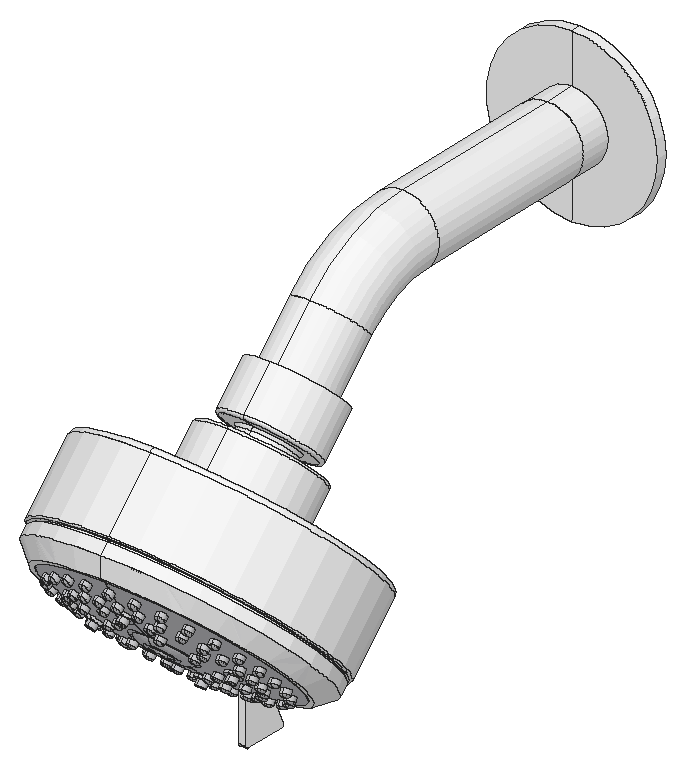
Revit family "Reece_Shower_GROHE_Tempesta_Overhead Shower_Arm 4 Spray", category Plumbing Fixtures, Revit 2018
Family settings
  Round Connector Dimension = Use Diameter
  Part Type = Normal
  Work Plane-Based = Yes
  Always vertical = Yes
  Cut with Voids When Loaded = Yes
  Shared = Yes
  Room Calculation Point = Yes
Parameters (values of type "Chrome_White Face")
  URL = "https://www.reece.com.au/product/-9508618"
  Type Comments = "Shower"
  Reece_Shower_Inlet = 12 mm  # constant formula
  Reece_Shower_Head_Diameter = 100 mm  # constant formula
  Reece_Product_Web Page = "https://www.reece.com.au/product/-9508618"
  Reece_Product_Type = "Shower"  # constant formula
  Reece_Product_Sub Brand = "Tempesta"  # constant formula
  Reece_Product_Number = "9508618"
  Reece_Product_Mount = "Wall Mounted"
  Reece_Product_Description = "GROHE Tempesta Cosmopolitan 100 Wall Shower with Arm 4 Spray White (4 Star)"
  Reece_Product_Brand = "GROHE"  # constant formula
  Reece_Overall_Width = 181 mm  # constant formula
  Reece_Overall_Diameter = 60 mm  # constant formula
  Reece_Material_Secondary = Reece_Plastic_White
  Reece_Material_Main = Reece_Brass_Chrome
  Reece_Height_From_Level [instance] = 1800 mm
  Reece_Detail_Shape = ""
  Reece_Detail_Installation = "Overhead shower"  # constant formula
  Reece_Detail_Disclaimer = "THIS FILE IS THE PROPERTY OF THE REECE GROUP. IT MAY NOT BE REPRODUCED, REVERSE-ENGINEERED OR MODIFIED. ANY REPUBLICATION, TRANSMISSION OR DISTRIBUTION FOR THE PURPOSE OF COMMERCIALLY EXPLOITING THE FILES IS PROHIBITED."  # constant formula
  Reece_Detail_Connector = ""
  Reece_Detail_Additional = "White Face"  # constant formula
  Model = "Tempesta"
  Manufacturer = "GROHE"
  Keynote = "Product #9508618, Reece_Shower_GROHE_Tempesta_Overhead Shower_Arm 4 Spray - Chrome_White Face"
  Disclaimer = "THIS FILE IS THE PROPERTY OF THE REECE GROUP. IT MAY NOT BE REPRODUCED, REVERSE-ENGINEERED OR MODIFIED. ANY REPUBLICATION, TRANSMISSION OR DISTRIBUTION FOR THE PURPOSE OF COMMERCIALLY EXPLOITING THE FILES IS PROHIBITED."  # constant formula
  Description = "GROHE Tempesta Cosmopolitan 100 Wall Shower with Arm 4 Spray White (Not Star Rated)"
  Default Elevation = 0 mm
Reference planes
  plane 1 "Center (Front/Back)": y = 0
  plane 2 "Height From Floor": z = 1800
  plane 3 "Center (Left/Right)": x = 0
  plane 4 "Bottom Of Invisible Line": z = -5
  plane 5: y = -181
  plane 6: z = 1759.6
  plane 7: x = 50
  plane 8: x = -50
  plane 9: z = 1830
  plane 10: z = 1770
  plane 11: y = -136.8
Forms (mm)
  Revolve 1, solid, material "Reece_Brass_Chrome" <- "Reece_Material_Main"
    sketch origin (0, 0, 0) x (0, 1, 0) y (0, 0, 1)
      loop
        line (0, 1808.508) -> (0, 1830) -> (-3.5, 1830) -> (-3.5, 1812.5) -> (-14.3, 1812.5) -> (-14.3, 1800) -> (-6.967, 1800) -> (-6.967, 1808.508) -> (0, 1808.508)
      axis (0, 1800) -> (-14.3, 1800)
    angle from 0 to 360
  Sweep 2, solid, material "Reece_Brass_Chrome" <- "Reece_Material_Main"
    path origin (0, 0, 0) x (0, 1, 0) y (0, 0, 1)
      loop
        line (-14.3, 1800) -> (-77.76, 1800)
        arc (-77.76, 1800) -> (-94.981, 1796.575) -> (-109.58, 1786.82) r 45
        line (-109.58, 1786.82) -> (-124.072, 1772.328)
    profile origin (0, -46.03, 1800) x (0, 0, -1) y (1, 0, 0)
      loop
        circle (0, 0) r 12.5
Lines and regions (mm)
  model lines, style "InvisibleLines"
    curve 1: line (0, 0, -5) -> (0, 0, 1800)
Text (mm)
  text "Reece ©" at (2704.345, -2496.339, 2816.129), in view "Reece Preview"
  text "Reece Copyright © 2018, Reece Ltd." at (-373.748, -213.177, 0), in view "Ref. Level"
Dimensions and locks
  "Reece_Overall_Width": plane 1 "Center (Front/Back)" to plane 5
  "Reece_Shower_Head_Diameter": nested 1 to plane 8
  locked: plane 2 "Height From Floor" to plane 6 at 40.4
  "Reece_Overall_Diameter": plane 10 to plane 9
  "Reece_Height_From_Level": plane 2 "Height From Floor" to level
  Revolve 1 to Revolve 1 = 25 mm
  plane 10 to plane 2 "Height From Floor" to plane 9 = 30 mm, 30 mm
  curve 1 to plane 11 = 136.8 mm
  aligned and locked: plane 2 "Height From Floor" to curve 1
  aligned and locked: plane 4 "Bottom Of Invisible Line" to curve 1
  aligned and locked: plane 3 "Center (Left/Right)" to curve 1
Automatic sketch dimensions
  Sweep 2 sketch curve to plane 3 "Center (Left/Right)" = 0 mm
  Sweep 2 sketch curve to profile plane = 0 mm
  Sweep 2 sketch curve to plane 2 "Height From Floor" = 0 mm
  Sweep 2 sketch curve to plane 2 "Height From Floor" = 13.18 mm
  Sweep 2 sketch curve to plane 6 = 4.6 mm
  plane 1 "Center (Front/Back)" to Sweep 2 sketch curve = 14.3 mm
  plane 6 to Sweep 2 sketch curve = 12.728 mm
  Sweep 2 sketch curve to Sweep 2 sketch curve = 63.46 mm
  Sweep 2 sketch curve to Sweep 2 sketch curve = 14.491 mm
  Revolve 1 sketch curve to plane 2 "Height From Floor" = 0 mm  (x2)
  Revolve 1 sketch curve to plane 9 = 0 mm
  Revolve 1 sketch curve to plane 1 "Center (Front/Back)" = 0 mm  (x2)
  plane 1 "Center (Front/Back)" to Revolve 1 sketch curve = 3.5 mm
  plane 1 "Center (Front/Back)" to Revolve 1 sketch curve = 6.967 mm
  Revolve 1 sketch curve to Revolve 1 sketch curve = 7.333 mm
  Revolve 1 sketch curve to Revolve 1 sketch curve = 8.508 mm
  Revolve 1 sketch curve to Revolve 1 sketch curve = 3.992 mm
  Revolve 1 sketch curve to Revolve 1 sketch curve = 1.967 mm
  radius of Sweep 2 sketch curve = 12.5 mm
Nested families
  nested 1: "Reece_GROHE Tempesta Cosmo Handpiece_Nested" at (-4, -124.072, 1772.328) x (-1, 0, 0) z (0, -0.7071, -0.7071), Reece_Material_Main <- "Reece_Material_Main", Reece_Material_Secondary <- "Reece_Material_Secondary", type "Reece_GROHE Tempesta Cosmo Handpiece_Nested"
    with Reece_Material_Secondary Reece_Plastic_White, Reece_Material_Main Reece_Brass_Chrome
Connectors
  piping at (0, 0, 1800), diameter 12, driven by "Reece_Shower_Inlet"
    settings: on Revolve 1, index 1, connector inside diameter 609.6 mm, connector length 0 mm, flow factor 0, pipe flow 0.0 L/s, pressure drop 0.0 Pa, fitting loss kfactor 0, connector angle 0.00°, fixture units 0, engagement length 0 mm, angle of deflection 0.00°, flow configuration 0, flow direction 1, fitting loss method 0, system type 29, joint type 0, gender type 0, connector reference index -1, connector utility 0, adjustable connector no, is connector primary yes, connector description ""
Definition of nested family "Reece_GROHE Tempesta Cosmo Handpiece_Nested"
  Parameters (values of type "Reece_GROHE Tempesta Cosmo Handpiece_Nested")
    WFU = 0  # constant formula
    Reece_Material_Secondary [instance] = none
    Reece_Material_Main [instance] = none
    HWFU = 0  # constant formula
    Default Elevation = 1000 mm
    CWFU = 0  # constant formula
  Reference planes
    plane 1 "Center (Front/Back)": y = 0
    plane 2: z = 0
    plane 3 "Center (Left/Right)": x = -4
    plane 4: z = 37
    plane 5: x = 46
    plane 6: x = -54
  Forms (mm)
    Extrusion 1, solid
      sketch origin (619.2, -619.2, 0) x (1, 0, 0) y (0, 1, 0)
        loop
          line (-714.004, 715.618) -> (-714.004, 527.891) -> (-529.957, 527.891) -> (-529.957, 715.618) -> (-714.004, 715.618)
      from 0 to -30
    Revolve 2, solid, material <- "Reece_Material_Main"
      sketch origin (-4, -176.806, 119.381) x (0, -0.528594, -0.848875) y (0, 0.848875, -0.528594)
        loop
          line (-53.673, 174.861) -> (-22.624, 194.195)
          arc (-22.624, 194.195) -> (-36.093, 214.314) -> (-50.859, 233.501) r 366.999
          arc (-50.859, 233.501) -> (-52.06, 234.192) -> (-53.419, 233.92) r 1.969
          line (-53.419, 233.92) -> (-75.42, 220.22)
          arc (-75.42, 220.22) -> (-75.681, 219.857) -> (-75.608, 219.416) r 0.584
          line (-75.608, 219.416) -> (-74.971, 218.393) -> (-75.64, 217.976) -> (-76.058, 218.646) -> (-79.575, 216.456) -> (-81.246, 209.217) -> (-80.233, 207.591) -> (-75.781, 210.364) -> (-53.673, 174.861)
        axis (-58.126, 172.088) -> (-22.624, 194.195)
      angle from 0 to 360
    Extrusion 3, solid, material <- "Reece_Material_Main"
      sketch origin (-5.25, -176.806, 119.381) x (0, -0.528594, -0.848875) y (0, 0.848875, -0.528594)
        loop
          arc (-23.054, 114.543) -> (-25.004, 124.934) -> (-27.182, 135.279) r 478.564
          line (-27.182, 135.279) -> (-34.916, 135.279) -> (-38.888, 117.997)
          arc (-38.888, 117.997) -> (-38.768, 117.287) -> (-38.181, 116.871) r 0.94
          line (-38.181, 116.871) -> (-23.997, 113.645)
          arc (-23.997, 113.645) -> (-23.285, 113.841) -> (-23.054, 114.543) r 0.782
      from 0 to 2.5
    Revolve 4, solid, material <- "Reece_Material_Secondary"
      sketch origin (-4, -176.806, 119.381) x (0, -0.528594, -0.848875) y (0, 0.848875, -0.528594)
        loop
          line (-75.781, 210.364) -> (-80.233, 207.591)
          arc (-80.233, 207.591) -> (-75.132, 193.018) -> (-67.953, 179.348) r 105.275
          line (-67.953, 179.348) -> (-61.95, 169.707) -> (-53.673, 174.861) -> (-75.781, 210.364)
        axis (-53.673, 174.861) -> (-61.95, 169.707)
      angle from 0 to 360
    Revolve 5, solid, material <- "Reece_Material_Secondary"
      sketch origin (-4, -174.861, -131.16) x (0, 0, -1) y (0, 1, 0)
        loop
          line (-213.402, 177.364) -> (-213.402, 185.024)
          arc (-213.402, 185.024) -> (-214.518, 182.981) -> (-214.904, 180.685) r 7.014
          line (-214.904, 180.685) -> (-214.904, 178.867)
          arc (-214.904, 178.867) -> (-214.464, 177.804) -> (-213.402, 177.364) r 1.503
        axis (-213.402, 174.861) -> (-214.904, 174.861)
      angle from 0 to 360
    Revolve 6, solid, material <- "Reece_Material_Main"
      sketch origin (-4, 0, 0) x (0, 1, 0) y (0, 0, 1)
        loop
          line (0, 37) -> (-21.65, 37)
          arc (-21.65, 37) -> (-21.182, 36.877) -> (-20.836, 36.539) r 0.95
          line (-20.836, 36.539) -> (-20.836, 22.437)
          arc (-20.836, 22.437) -> (-20.573, 21.802) -> (-19.938, 21.539) r 0.898
          line (-19.938, 21.539) -> (-10.336, 21.539) -> (-9.7, 20.339) -> (-9.7, 18.639) -> (-10.336, 17.439) -> (-15.527, 17.439)
          arc (-15.527, 17.439) -> (-16.24, 17.144) -> (-16.536, 16.431) r 1.009
          line (-16.536, 16.431) -> (-16.536, 0) -> (0, 0) -> (0, 37)
        axis (0, 37) -> (0, 0)
      angle from 0 to 360
  Cuts and joins
    joined: Revolve 2, Extrusion 3
  Text (mm)
    text "Reece Copyright © 2018, Reece Ltd." at (-378.57, -123.478, 0), in view "Ref. Level"
    text "Reece ©" at (408.528, -766.776, 506.903), in view "Reece_Preview"
  Dimensions and locks
    aligned and locked: plane 2 to Extrusion 1
    aligned and locked: level to Extrusion 1
  Nested families
    nested 1: "Nib_nested" at (-4.068, 37.005, 79.091) x (1, 0.0001, 0.0004) z (-0.0004, 0.2436, 0.9699), Reece_Material_Secondary <- "Reece_Material_Secondary", type "Nib_nested"
      with Reece_Material_Secondary none
    nested 2: "Nib_nested" at (4.527, 36.124, 79.063) x (0.9984, -0.0134, -0.0546) z (0.0562, 0.2381, 0.9696), Reece_Material_Secondary <- "Reece_Material_Secondary", type "Nib_nested"
      with Reece_Material_Secondary none
    nested 3: "Nib_nested" at (12.284, 33.357, 79.062) x (0.9942, -0.0237, -0.1047) z (0.1074, 0.2199, 0.9696), Reece_Material_Secondary <- "Reece_Material_Secondary", type "Nib_nested"
      with Reece_Material_Secondary none
    nested 4: "Nib_nested" at (19.328, 28.912, 79.055) x (0.9881, -0.0297, -0.151) z (0.1538, 0.1907, 0.9695), Reece_Material_Secondary <- "Reece_Material_Secondary", type "Nib_nested"
      with Reece_Material_Secondary none
    nested 5: "Nib_nested" at (25.197, 23.126, 79.03) x (0.9812, -0.03, -0.1904) z (0.1928, 0.1527, 0.9693), Reece_Material_Secondary <- "Reece_Material_Secondary", type "Nib_nested"
      with Reece_Material_Secondary none
    nested 6: "Nib_nested" at (-3.984, 30.003, 80.599) x (1, 0, -0.0001) z (0.0001, 0.1771, 0.9842), Reece_Material_Secondary <- "Reece_Material_Secondary", type "Nib_nested"
      with Reece_Material_Secondary none
    nested 7: "Nib_nested" at (2.934, 29.122, 80.611) x (0.9992, -0.007, -0.0403) z (0.0409, 0.1717, 0.9843), Reece_Material_Secondary <- "Reece_Material_Secondary", type "Nib_nested"
      with Reece_Material_Secondary none
    nested 8: "Nib_nested" at (9.223, 26.942, 80.597) x (0.9969, -0.0125, -0.0771) z (0.0781, 0.1591, 0.9842), Reece_Material_Secondary <- "Reece_Material_Secondary", type "Nib_nested"
      with Reece_Material_Secondary none
    nested 9: "Nib_nested" at (14.925, 23.42, 80.579) x (0.9937, -0.0156, -0.1109) z (0.112, 0.1386, 0.984), Reece_Material_Secondary <- "Reece_Material_Secondary", type "Nib_nested"
      with Reece_Material_Secondary none
    nested 10: "Nib_nested" at (19.585, 18.699, 80.581) x (0.9902, -0.0156, -0.1386) z (0.1395, 0.1106, 0.984), Reece_Material_Secondary <- "Reece_Material_Secondary", type "Nib_nested"
      with Reece_Material_Secondary none
    nested 11: "Nib_nested" at (23.065, 12.955, 80.598) x (0.9872, -0.0124, -0.1593) z (0.1598, 0.0765, 0.9842), Reece_Material_Secondary <- "Reece_Material_Secondary", type "Nib_nested"
      with Reece_Material_Secondary none
    nested 12: "Nib_nested" at (29.48, 15.973, 79.068) x (0.9754, -0.0238, -0.2194) z (0.2207, 0.1053, 0.9697), Reece_Material_Secondary <- "Reece_Material_Secondary", type "Nib_nested"
      with Reece_Material_Secondary none
    nested 13: "Nib_nested" at (32.206, 8.259, 79.058) x (0.9711, -0.0134, -0.2384) z (0.2387, 0.0545, 0.9696), Reece_Material_Secondary <- "Reece_Material_Secondary", type "Nib_nested"
      with Reece_Material_Secondary none
    nested 14: "Nib_nested" at (25.288, 6.707, 80.591) x (0.9849, -0.007, -0.1729) z (0.173, 0.0396, 0.9841), Reece_Material_Secondary <- "Reece_Material_Secondary", type "Nib_nested"
      with Reece_Material_Secondary none
    nested 15: "Nib_nested" at (26.096, -0.041, 80.582) x (0.984, 0, -0.178) z (0.178, -0.0002, 0.984), Reece_Material_Secondary <- "Reece_Material_Secondary", type "Nib_nested"
      with Reece_Material_Secondary none
    nested 16: "Nib_nested" at (33.136, -0.089, 79.058) x (0.9696, 0.0001, -0.2449) z (0.2449, -0.0006, 0.9696), Reece_Material_Secondary <- "Reece_Material_Secondary", type "Nib_nested"
      with Reece_Material_Secondary none
    nested 17: "Nib_nested" at (25.421, -6.647, 80.57) x (0.9847, 0.007, -0.1741) z (0.1742, -0.0394, 0.9839), Reece_Material_Secondary <- "Reece_Material_Secondary", type "Nib_nested"
      with Reece_Material_Secondary none
    nested 18: "Nib_nested" at (32.316, -8.189, 79.035) x (0.9708, 0.0133, -0.2394) z (0.2397, -0.0541, 0.9693), Reece_Material_Secondary <- "Reece_Material_Secondary", type "Nib_nested"
      with Reece_Material_Secondary none
    nested 19: "Nib_nested" at (23.155, -12.963, 80.583) x (0.987, 0.0125, -0.1601) z (0.1606, -0.0767, 0.984), Reece_Material_Secondary <- "Reece_Material_Secondary", type "Nib_nested"
      with Reece_Material_Secondary none
    nested 20: "Nib_nested" at (29.327, -15.904, 79.11) x (0.9757, 0.0235, -0.2179) z (0.2192, -0.1046, 0.9701), Reece_Material_Secondary <- "Reece_Material_Secondary", type "Nib_nested"
      with Reece_Material_Secondary none
    nested 21: "Nib_nested" at (19.451, -18.747, 80.595) x (0.9904, 0.0155, -0.1376) z (0.1385, -0.1107, 0.9842), Reece_Material_Secondary <- "Reece_Material_Secondary", type "Nib_nested"
      with Reece_Material_Secondary none
    nested 22: "Nib_nested" at (25.051, -22.906, 79.093) x (0.9815, 0.0294, -0.189) z (0.1912, -0.1508, 0.9699), Reece_Material_Secondary <- "Reece_Material_Secondary", type "Nib_nested"
      with Reece_Material_Secondary none
    nested 23: "Nib_nested" at (14.849, -23.516, 80.574) x (0.9938, 0.0156, -0.1105) z (0.1116, -0.1392, 0.984), Reece_Material_Secondary <- "Reece_Material_Secondary", type "Nib_nested"
      with Reece_Material_Secondary none
    nested 24: "Nib_nested" at (19.229, -29.061, 79.041) x (0.9882, 0.0298, -0.1504) z (0.1533, -0.1918, 0.9694), Reece_Material_Secondary <- "Reece_Material_Secondary", type "Nib_nested"
      with Reece_Material_Secondary none
    nested 25: "Nib_nested" at (9.137, -26.898, 80.611) x (0.997, 0.0123, -0.0765) z (0.0774, -0.1586, 0.9843), Reece_Material_Secondary <- "Reece_Material_Secondary", type "Nib_nested"
      with Reece_Material_Secondary none
    nested 26: "Nib_nested" at (12.242, -33.275, 79.085) x (0.9943, 0.0236, -0.1043) z (0.107, -0.2191, 0.9698), Reece_Material_Secondary <- "Reece_Material_Secondary", type "Nib_nested"
      with Reece_Material_Secondary none
    nested 27: "Nib_nested" at (2.914, -29.256, 80.588) x (0.9992, 0.0071, -0.0402) z (0.0409, -0.1729, 0.9841), Reece_Material_Secondary <- "Reece_Material_Secondary", type "Nib_nested"
      with Reece_Material_Secondary none
    nested 28: "Nib_nested" at (4.444, -36.079, 79.079) x (0.9985, 0.0132, -0.054) z (0.0556, -0.2377, 0.9698), Reece_Material_Secondary <- "Reece_Material_Secondary", type "Nib_nested"
      with Reece_Material_Secondary none
    nested 29: "Nib_nested" at (-4.037, -29.957, 80.607) x (1, 0, 0.0002) z (-0.0002, -0.1767, 0.9843), Reece_Material_Secondary <- "Reece_Material_Secondary", type "Nib_nested"
      with Reece_Material_Secondary none
    nested 30: "Nib_nested" at (-4.101, -37.035, 79.083) x (1, -0.0002, 0.0006) z (-0.0007, -0.2439, 0.9698), Reece_Material_Secondary <- "Reece_Material_Secondary", type "Nib_nested"
      with Reece_Material_Secondary none
    nested 31: "Nib_nested" at (-10.796, -29.001, 80.637) x (0.9992, -0.0068, 0.0394) z (-0.0399, -0.1704, 0.9846), Reece_Material_Secondary <- "Reece_Material_Secondary", type "Nib_nested"
      with Reece_Material_Secondary none
    nested 32: "Nib_nested" at (-12.518, -35.888, 79.121) x (0.9984, -0.0132, 0.0544) z (-0.056, -0.2359, 0.9702), Reece_Material_Secondary <- "Reece_Material_Secondary", type "Nib_nested"
      with Reece_Material_Secondary none
    nested 33: "Nib_nested" at (-17.173, -26.96, 80.598) x (0.997, -0.0124, 0.0768) z (-0.0778, -0.1592, 0.9842), Reece_Material_Secondary <- "Reece_Material_Secondary", type "Nib_nested"
      with Reece_Material_Secondary none
    nested 34: "Nib_nested" at (-20.106, -33.273, 79.101) x (0.9944, -0.0233, 0.1034) z (-0.106, -0.219, 0.97), Reece_Material_Secondary <- "Reece_Material_Secondary", type "Nib_nested"
      with Reece_Material_Secondary none
    nested 35: "Nib_nested" at (-12.447, 36.057, 79.084) x (0.9985, 0.0132, 0.054) z (-0.0556, 0.2375, 0.9698), Reece_Material_Secondary <- "Reece_Material_Secondary", type "Nib_nested"
      with Reece_Material_Secondary none
    nested 36: "Nib_nested" at (-10.854, 29.139, 80.611) x (0.9992, 0.0069, 0.0398) z (-0.0404, 0.1718, 0.9843), Reece_Material_Secondary <- "Reece_Material_Secondary", type "Nib_nested"
      with Reece_Material_Secondary none
    nested 37: "Nib_nested" at (-20.246, 33.247, 79.091) x (0.9943, 0.0235, 0.1043) z (-0.107, 0.2189, 0.9699), Reece_Material_Secondary <- "Reece_Material_Secondary", type "Nib_nested"
      with Reece_Material_Secondary none
    nested 38: "Nib_nested" at (-17.101, 26.874, 80.618) x (0.997, 0.0123, 0.0762) z (-0.0772, 0.1583, 0.9844), Reece_Material_Secondary <- "Reece_Material_Secondary", type "Nib_nested"
      with Reece_Material_Secondary none
    nested 39: "Nib_nested" at (-27.206, 28.887, 79.079) x (0.9882, 0.0294, 0.15) z (-0.1529, 0.1903, 0.9698), Reece_Material_Secondary <- "Reece_Material_Secondary", type "Nib_nested"
      with Reece_Material_Secondary none
    nested 40: "Nib_nested" at (-22.845, 23.394, 80.592) x (0.9938, 0.0155, 0.1103) z (-0.1113, 0.1382, 0.9841), Reece_Material_Secondary <- "Reece_Material_Secondary", type "Nib_nested"
      with Reece_Material_Secondary none
    nested 41: "Nib_nested" at (-33.117, 23.101, 79.05) x (0.9814, 0.0298, 0.1897) z (-0.1921, 0.1524, 0.9695), Reece_Material_Secondary <- "Reece_Material_Secondary", type "Nib_nested"
      with Reece_Material_Secondary none
    nested 42: "Nib_nested" at (-27.625, 18.615, 80.585) x (0.9902, 0.0155, 0.1388) z (-0.1397, 0.1101, 0.9841), Reece_Material_Secondary <- "Reece_Material_Secondary", type "Nib_nested"
      with Reece_Material_Secondary none
    nested 43: "Nib_nested" at (-37.56, 15.874, 79.061) x (0.9752, 0.0237, 0.22) z (-0.2213, 0.1047, 0.9696), Reece_Material_Secondary <- "Reece_Material_Secondary", type "Nib_nested"
      with Reece_Material_Secondary none
    nested 44: "Nib_nested" at (-30.96, 12.868, 80.622) x (0.9873, 0.0122, 0.1583) z (-0.1587, 0.0758, 0.9844), Reece_Material_Secondary <- "Reece_Material_Secondary", type "Nib_nested"
      with Reece_Material_Secondary none
    nested 45: "Nib_nested" at (-40.273, 8.174, 79.046) x (0.9709, 0.0133, 0.2389) z (-0.2393, 0.0539, 0.9694), Reece_Material_Secondary <- "Reece_Material_Secondary", type "Nib_nested"
      with Reece_Material_Secondary none
    nested 46: "Nib_nested" at (-33.38, 6.635, 80.578) x (0.9848, 0.0069, 0.1737) z (-0.1738, 0.0393, 0.984), Reece_Material_Secondary <- "Reece_Material_Secondary", type "Nib_nested"
      with Reece_Material_Secondary none
    nested 47: "Nib_nested" at (-41.006, -0.039, 79.091) x (0.9699, -0.0001, 0.2436) z (-0.2436, -0.0003, 0.9699), Reece_Material_Secondary <- "Reece_Material_Secondary", type "Nib_nested"
      with Reece_Material_Secondary none
    nested 48: "Nib_nested" at (-34.113, 0.108, 80.579) x (0.984, 0.0001, 0.1782) z (-0.1782, 0.0006, 0.984), Reece_Material_Secondary <- "Reece_Material_Secondary", type "Nib_nested"
      with Reece_Material_Secondary none
    nested 49: "Nib_nested" at (-40.224, -8.252, 79.054) x (0.971, -0.0134, 0.2385) z (-0.2389, -0.0544, 0.9695), Reece_Material_Secondary <- "Reece_Material_Secondary", type "Nib_nested"
      with Reece_Material_Secondary none
    nested 50: "Nib_nested" at (-33.4, -6.594, 80.576) x (0.9847, -0.0069, 0.1739) z (-0.174, -0.039, 0.984), Reece_Material_Secondary <- "Reece_Material_Secondary", type "Nib_nested"
      with Reece_Material_Secondary none
    nested 51: "Nib_nested" at (-37.354, -16.159, 79.077) x (0.9756, -0.024, 0.2184) z (-0.2197, -0.1065, 0.9697), Reece_Material_Secondary <- "Reece_Material_Secondary", type "Nib_nested"
      with Reece_Material_Secondary none
    nested 52: "Nib_nested" at (-30.85, -12.843, 80.642) x (0.9875, -0.0121, 0.1573) z (-0.1577, -0.0754, 0.9846), Reece_Material_Secondary <- "Reece_Material_Secondary", type "Nib_nested"
      with Reece_Material_Secondary none
    nested 53: "Nib_nested" at (-33.209, -22.855, 79.07) x (0.9813, -0.0295, 0.1902) z (-0.1925, -0.1506, 0.9697), Reece_Material_Secondary <- "Reece_Material_Secondary", type "Nib_nested"
      with Reece_Material_Secondary none
    nested 54: "Nib_nested" at (-27.343, -18.327, 80.657) x (0.9906, -0.0149, 0.1361) z (-0.1369, -0.1075, 0.9847), Reece_Material_Secondary <- "Reece_Material_Secondary", type "Nib_nested"
      with Reece_Material_Secondary none
    nested 55: "Nib_nested" at (-27.343, -29.104, 79.014) x (0.988, -0.03, 0.1513) z (-0.1542, -0.1923, 0.9691), Reece_Material_Secondary <- "Reece_Material_Secondary", type "Nib_nested"
      with Reece_Material_Secondary none
    nested 56: "Nib_nested" at (-22.943, -23.365, 80.585) x (0.9937, -0.0156, 0.1109) z (-0.112, -0.1381, 0.9841), Reece_Material_Secondary <- "Reece_Material_Secondary", type "Nib_nested"
      with Reece_Material_Secondary none
    nested 57: "Nib_nested" at (-11.358, 15.037, 82.125) x (0.9997, 0.0008, 0.0225) z (-0.0225, 0.0459, 0.9987), Reece_Material_Secondary <- "Reece_Material_Secondary", type "Nib_nested"
      with Reece_Material_Secondary none
    nested 58: "Nib_nested" at (-18.979, 7.057, 82.135) x (0.999, 0.0007, 0.0447) z (-0.0447, 0.0211, 0.9988), Reece_Material_Secondary <- "Reece_Material_Secondary", type "Nib_nested"
      with Reece_Material_Secondary none
    nested 59: "Nib_nested" at (-18.983, -7.03, 82.135) x (0.999, -0.0007, 0.0447) z (-0.0447, -0.021, 0.9988), Reece_Material_Secondary <- "Reece_Material_Secondary", type "Nib_nested"
      with Reece_Material_Secondary none
    nested 60: "Nib_nested" at (-11.388, -14.772, 82.137) x (0.9998, -0.0008, 0.0219) z (-0.0219, -0.0438, 0.9988), Reece_Material_Secondary <- "Reece_Material_Secondary", type "Nib_nested"
      with Reece_Material_Secondary none
    nested 61: "Nib_nested" at (3.216, -14.887, 82.135) x (0.9998, 0.0008, -0.0215) z (0.0215, -0.0443, 0.9988), Reece_Material_Secondary <- "Reece_Material_Secondary", type "Nib_nested"
      with Reece_Material_Secondary none
    nested 62: "Nib_nested" at (3.362, 14.96, 82.129) x (0.9998, -0.0008, -0.0223) z (0.0223, 0.0453, 0.9987), Reece_Material_Secondary <- "Reece_Material_Secondary", type "Nib_nested"
      with Reece_Material_Secondary none
    nested 63: "Nib_nested" at (10.905, 7.176, 82.135) x (0.999, -0.0007, -0.0444) z (0.0444, 0.0214, 0.9988), Reece_Material_Secondary <- "Reece_Material_Secondary", type "Nib_nested"
      with Reece_Material_Secondary none
    nested 64: "Nib_nested" at (10.895, -7.176, 82.136) x (0.999, 0.0007, -0.0443) z (0.0443, -0.0213, 0.9988), Reece_Material_Secondary <- "Reece_Material_Secondary", type "Nib_nested"
      with Reece_Material_Secondary none
    nested 65: "Nib_nested" at (-24.686, -13.236, 81.432) x (0.9944, -0.0072, 0.1054) z (-0.1056, -0.0676, 0.9921), Reece_Material_Secondary <- "Reece_Material_Secondary", type "Nib_nested"
      with Reece_Material_Secondary none
    nested 66: "Nib_nested" at (-24.892, 12.967, 81.428) x (0.9943, 0.0071, 0.1066) z (-0.1068, 0.0663, 0.9921), Reece_Material_Secondary <- "Reece_Material_Secondary", type "Nib_nested"
      with Reece_Material_Secondary none
    nested 67: "Nib_nested" at (-12.091, 22.86, 81.471) x (0.9992, 0.0047, 0.0406) z (-0.0409, 0.1154, 0.9925), Reece_Material_Secondary <- "Reece_Material_Secondary", type "Nib_nested"
      with Reece_Material_Secondary none
    nested 68: "Nib_nested" at (4.396, 22.666, 81.48) x (0.9991, -0.0048, -0.042) z (0.0423, 0.1141, 0.9926), Reece_Material_Secondary <- "Reece_Material_Secondary", type "Nib_nested"
      with Reece_Material_Secondary none
    nested 69: "Nib_nested" at (16.616, 13.452, 81.425) x (0.9944, -0.0073, -0.1052) z (0.1055, 0.0688, 0.992), Reece_Material_Secondary <- "Reece_Material_Secondary", type "Nib_nested"
      with Reece_Material_Secondary none
    nested 70: "Nib_nested" at (-12.283, -22.958, 81.451) x (0.9991, -0.0049, 0.0418) z (-0.0421, -0.1166, 0.9923), Reece_Material_Secondary <- "Reece_Material_Secondary", type "Nib_nested"
      with Reece_Material_Secondary none
    nested 71: "Nib_nested" at (4.246, -22.621, 81.492) x (0.9991, 0.0047, -0.0411) z (0.0414, -0.1135, 0.9927), Reece_Material_Secondary <- "Reece_Material_Secondary", type "Nib_nested"
      with Reece_Material_Secondary none
    nested 72: "Nib_nested" at (17.065, -12.931, 81.412) x (0.9941, 0.0072, -0.1079) z (0.1082, -0.0664, 0.9919), Reece_Material_Secondary <- "Reece_Material_Secondary", type "Nib_nested"
      with Reece_Material_Secondary none
    nested 73: "Nib_Grohe_Nested" at (-3.931, 24.382, 81.454) x (1, 0, -0.0003) z (0.0003, 0.1237, 0.9923), Reece_Material_Secondary <- "Reece_Material_Secondary", type "Nib_big_nested"
      with Reece_Material_Secondary none
    nested 74: "Nib_Grohe_Nested" at (20.526, 0.014, 81.436) x (0.9921, 0, -0.1251) z (0.1251, 0.0001, 0.9921), Reece_Material_Secondary <- "Reece_Material_Secondary", type "Nib_big_nested"
      with Reece_Material_Secondary none
    nested 75: "Nib_Grohe_Nested" at (-3.945, -24.05, 81.495) x (1, 0, -0.0003) z (0.0003, -0.1206, 0.9927), Reece_Material_Secondary <- "Reece_Material_Secondary", type "Nib_big_nested"
      with Reece_Material_Secondary none
    nested 76: "Nib_Grohe_Nested" at (-28.147, 0.041, 81.483) x (0.9926, 0, 0.1215) z (-0.1215, 0.0002, 0.9926), Reece_Material_Secondary <- "Reece_Material_Secondary", type "Nib_big_nested"
      with Reece_Material_Secondary none
  Definition of nested family "Nib_nested"
    Parameters (values of type "Nib_nested")
      Reece_Material_Secondary [instance] = none
      Default Elevation = 0 mm
    Reference planes
      plane 1 "Center (Front/Back)": y = 0
      plane 2: z = 0
      plane 3 "Center (Left/Right)": x = 0
    Forms (mm)
      Extrusion 1, solid
        sketch origin (0, 0, 0) x (1, 0, 0) y (0, 1, 0)
          loop
            line (-9.945, 8.653) -> (-9.945, -8.495) -> (9.512, -8.495) -> (9.512, 8.653) -> (-9.945, 8.653)
        from 0 to -2
      Revolve 2, solid, material <- "Reece_Material_Secondary", detail levels fine
        sketch origin (0, -226.111, 0) x (0, 1, 0) y (0, 0, 1)
          loop
            line (227.698, 0) -> (227.698, 1.638)
            arc (227.698, 1.638) -> (227.077, 2.001) -> (226.363, 2.089) r 1.783
            line (226.363, 2.089) -> (226.363, 0) -> (227.698, 0)
          axis (226.111, 0) -> (226.111, 2.089)
        angle from 0 to 360
    Text (mm)
      text "Reece ©" at (671.782, -497.484, 486.721), in view "Reece_Preview"
    Dimensions and locks
      aligned and locked: plane 2 to Extrusion 1
      aligned and locked: level to Extrusion 1
  Definition of nested family "Nib_Grohe_Nested"
    Parameters (values of type "Nib_Grohe_Nested")
      Reece_Material_Secondary [instance] = none
      Default Elevation = 0 mm
    Reference planes
      plane 1 "Center (Front/Back)": y = 0
      plane 2: z = 0
      plane 3 "Center (Left/Right)": x = 0
    Forms (mm)
      Extrusion 1, solid
        sketch origin (0, 0, 0) x (1, 0, 0) y (0, 1, 0)
          loop
            line (-9.945, 8.653) -> (-9.945, -8.495) -> (9.512, -8.495) -> (9.512, 8.653) -> (-9.945, 8.653)
        from 0 to -2
      Revolve 2, solid, material <- "Reece_Material_Secondary", detail levels fine
        sketch origin (0, -226.111, 0) x (0, 1, 0) y (0, 0, 1)
          loop
            line (228.889, 0) -> (228.889, 0.965) -> (227.719, 0.965) -> (227.719, 3.048) -> (226.924, 3.048) -> (226.924, 0.965) -> (226.111, 0.965) -> (226.111, 0) -> (228.889, 0)
          axis (226.111, 0) -> (226.111, 3.048)
        angle from 0 to 360
    Text (mm)
      text "Reece ©" at (671.782, -497.484, 486.721), in view "Reece_Preview"
    Dimensions and locks
      aligned and locked: plane 2 to Extrusion 1
      aligned and locked: level to Extrusion 1
